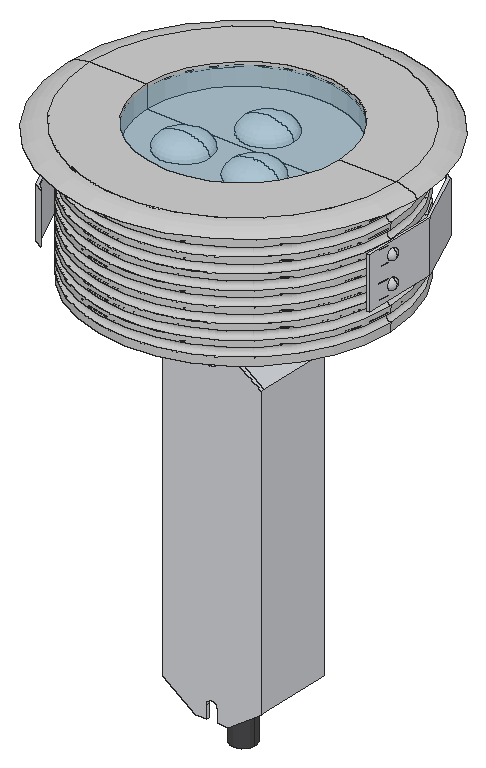
Revit family "SLIM INGROUND 6W SIMETRICO_LKB0326WW.9", category Luminarias, Revit 2019
Family settings
  Cota de conector redondo = Diámetro de uso
  Tipo de pieza = Normal
  Se basa en plano de trabajo = Sí
  Siempre vertical = No
  Corte con vacíos al cargar = No
  Origen de luz = Sí
  Compartido = No
  Punto de cálculo de habitación = No
Parameters (values of type "EMP_LKB0326WW.9")
  Ángulo de inclinación = 30.00°
  Ángulo de enfoque = 9.00°
  Ángulo de campo de foco = 9.00°
  Zone [instance] = ""
  Watt per fixture = 6.2
  Wattage = 6.2 W
  built-in parameter 1150107 = 3000 (stored number, unit not read)
  built-in parameter 1150110 = 1 (stored number, unit not read)
  built-in parameter 1150109 = 1 (stored number, unit not read)
  built-in parameter 1150112 = 1 (stored number, unit not read)
  built-in parameter 1150113 = 1 (stored number, unit not read)
  built-in parameter 1114218 = 1 (stored number, unit not read)
  Keynote = ""
  built-in parameter 1150137 = (empty or 0)
  built-in parameter 1150132 = (empty or 0)
  Modelo = "LKB0326WW.9"
  Lámpara = "OSRAM"
  Longitud de símbolo de origen de luz = 500 mm
  built-in parameter 1150105 = 27765.1 (stored number, unit not read)
  built-in parameter 1150102 = (empty or 0)
  built-in parameter 1150106 = 277.65 (stored number, unit not read)
  Lumens = 387.996 lm
  Color Filter = 16777215
  built-in parameter 1114217 = 1 (stored number, unit not read)
  built-in parameter 1150139 = (empty or 0)
  Fabricante = "BRILLANT"
  Default Elevation = 0 mm
  built-in parameter 1150104 = 5.8139 (stored number, unit not read)
  Descripción = "LUMINARIA TIPO CIRCULAR PARA EMPOTRAR EN PISO CON CUERPO DE ALUMINIO FUNDIDO A PRESION CUBIERTO CON POLVO GRIS OSCURO, CON CUBIERTA DE ACERO INOXIDABLE Y VIDRIO TEMPLADO DE 8MM, CON 116MM DE DIAMETRO Y 38MM DE PROFUNDIDAD, INSTALACION EMPOTRABLE EN PISO CON POCO ESPACIO, USO PARA INTERIORES COMO EXTERIORES CON IP 67, CUENTA CON 3 LED TIPO OSRAM CON UNA POTENCIA TOTAL DE 6.2W, A UNA TEMPERATURA EN BLANCO CALIDO 3000K CON 388 LUMENES, 89mA EN CORRIENTE DE OPERACIÓN, IK08, IRC 80, DISPONIBLE PARA ATENUAR EN TRIAC, APERTURA A 9 GRADOS POR PROYECTO, FUENTE REMOTA (INCLUIDA) CON 97MM DE LARGO POR 25MM DE ALTO POR 33MM DE ANCHO, ALIMENTADA A 100-240V."
  built-in parameter 1150115 = 1 (stored number, unit not read)
  built-in parameter 1150114 = 1 (stored number, unit not read)
  Comentarios de vataje = "100-240V"
  built-in parameter 1150138 = (empty or 0)
  built-in parameter 1150134 = (empty or 0)
  Circuit [instance] = ""
  Dimming Lamp Color Temperature Shift = (empty or 0)
  built-in parameter 1150133 = 10 (stored number, unit not read)
Reference planes
  plane 1 "Centro (Frontal/Posterior)": y = 0
  plane 2: z = 0
  plane 3 "Centro (Izquierda/Derecha)": x = 0
  plane 4: z = -38
  plane 5: z = -43
Forms (mm)
  Revolve 1, solid, material "Acero Inoxidable"
    sketch origin (0, 0, 0) x (1, 0, 0) y (0, 0, 1)
      loop
        line (-32.356, 2.379) -> (-51.186, 2.379)
        arc (-51.186, 2.379) -> (-54.974, 1.769) -> (-58.379, 0) r 12.065
        line (-58.379, 0) -> (-49.379, 0) -> (-49.379, -7.422)
        arc (-49.379, -7.422) -> (-47.881, -8.92) -> (-49.379, -10.419) r 1.499
        line (-49.379, -10.419) -> (-49.379, -12.422)
        arc (-49.379, -12.422) -> (-47.881, -13.92) -> (-49.379, -15.419) r 1.499
        line (-49.379, -15.419) -> (-49.379, -17.422)
        arc (-49.379, -17.422) -> (-47.881, -18.92) -> (-49.379, -20.419) r 1.499
        line (-49.379, -20.419) -> (-49.379, -22.422)
        arc (-49.379, -22.422) -> (-47.881, -23.92) -> (-49.379, -25.419) r 1.499
        line (-49.379, -25.419) -> (-49.379, -27.422)
        arc (-49.379, -27.422) -> (-47.881, -28.92) -> (-49.379, -30.419) r 1.499
        line (-49.379, -30.419) -> (-49.379, -32.422)
        arc (-49.379, -32.422) -> (-47.881, -33.92) -> (-49.379, -35.419) r 1.499
        line (-49.379, -35.419) -> (-49.379, -37.422)
        arc (-49.379, -37.422) -> (-47.881, -38.92) -> (-49.379, -40.419) r 1.499
        line (-49.379, -40.419) -> (-49.379, -43) -> (0, -43) -> (0, -5.045) -> (-32.356, -5.045) -> (-32.356, 2.379)
      axis (0, 2.379) -> (0, -43)
    angle from 0 to 360
  Extrusion 2, solid, material "Cristal"
    sketch origin (0, 0, 0) x (1, 0, 0) y (0, 1, 0)
      loop
        circle (0, 0) r 32.356
    from 0.921 to 1.499
  Revolve 3, solid
    sketch origin (93.878, -10.202, -77.173) x (-1, 0, 0) y (0, 0, 1)
      loop
        line (105.714, 77.128) -> (105.714, 72.128) -> (114.371, 72.128)
        spline (114.371, 72.128) -> (114.297, 72.781) -> (114.076, 73.422) -> (113.712, 74.042) -> (113.211, 74.628) -> (112.582, 75.172) -> (111.835, 75.664) -> (110.984, 76.095) -> (110.043, 76.458) -> (109.027, 76.748) -> (107.955, 76.958) -> (106.844, 77.085) -> (105.714, 77.128)
      axis (105.714, 72.128) -> (105.714, 77.128)
    angle from 0 to 360
  Revolve 4, solid
    sketch origin (-93.878, -10.202, -77.173) x (1, 0, 0) y (0, 0, 1)
      loop
        line (105.714, 77.128) -> (105.714, 72.128) -> (114.371, 72.128)
        spline (114.371, 72.128) -> (114.297, 72.781) -> (114.076, 73.422) -> (113.712, 74.042) -> (113.211, 74.628) -> (112.582, 75.172) -> (111.835, 75.664) -> (110.984, 76.095) -> (110.043, 76.458) -> (109.027, 76.748) -> (107.955, 76.958) -> (106.844, 77.085) -> (105.714, 77.128)
      axis (105.714, 72.128) -> (105.714, 77.128)
    angle from 0 to 360
  Revolve 5, solid
    sketch origin (-105.714, 10.202, -77.173) x (1, 0, 0) y (0, 0, -1)
      loop
        spline (105.714, -77.128) -> (106.844, -77.085) -> (107.955, -76.958) -> (109.027, -76.748) -> (110.043, -76.458) -> (110.984, -76.095) -> (111.835, -75.664) -> (112.582, -75.172) -> (113.211, -74.628) -> (113.712, -74.042) -> (114.076, -73.422) -> (114.297, -72.781) -> (114.371, -72.128)
        line (114.371, -72.128) -> (105.714, -72.128) -> (105.714, -77.128)
      axis (105.714, -72.128) -> (105.714, -77.128)
    angle from 0 to 360
  Extrusion 6, solid
    sketch origin (0, 0, 0) x (1, 0, 0) y (0, 1, 0)
      loop
        line (49.379, -10) -> (50.179, -10) -> (50.179, 15.17) -> (41.455, 34.765) -> (38.597, 36.492) -> (40.785, 34.304) -> (49.379, 15) -> (49.379, -10)
      loop
        line (-49.379, 10) -> (-50.179, 10) -> (-50.179, -15.17) -> (-41.455, -34.765) -> (-38.597, -36.492) -> (-40.785, -34.304) -> (-49.379, -15) -> (-49.379, 10)
    from -32.422 to -15.419
  Revolve 7, solid
    sketch origin (-21.949, -0.827, -124.707) x (0, 0, 1) y (-1, 0, 0)
      loop
        arc (105.714, -73.907) -> (106.972, -73.386) -> (107.494, -72.128) r 1.779
        line (107.494, -72.128) -> (105.714, -72.128) -> (105.714, -73.907)
      axis (105.714, -72.128) -> (105.714, -73.907)
    angle from 0 to 360
  Revolve 8, solid
    sketch origin (-21.949, -0.827, -133.613) x (0, 0, 1) y (-1, 0, 0)
      loop
        arc (105.714, -73.907) -> (106.972, -73.386) -> (107.494, -72.128) r 1.779
        line (107.494, -72.128) -> (105.714, -72.128) -> (105.714, -73.907)
      axis (105.714, -72.128) -> (105.714, -73.907)
    angle from 0 to 360
  Revolve 9, solid
    sketch origin (21.949, -0.827, -124.707) x (0, 0, 1) y (-1, 0, 0)
      loop
        line (105.714, 73.907) -> (105.714, 72.128) -> (107.494, 72.128)
        arc (107.494, 72.128) -> (106.972, 73.386) -> (105.714, 73.907) r 1.779
      axis (105.714, 72.128) -> (105.714, 73.907)
    angle from 0 to 360
  Revolve 10, solid
    sketch origin (21.949, -0.827, -133.613) x (0, 0, 1) y (-1, 0, 0)
      loop
        line (105.714, 73.907) -> (105.714, 72.128) -> (107.494, 72.128)
        arc (107.494, 72.128) -> (106.972, 73.386) -> (105.714, 73.907) r 1.779
      axis (105.714, 72.128) -> (105.714, 73.907)
    angle from 0 to 360
  Extrusion 11, solid
    sketch origin (0, 0, 0) x (1, 0, 0) y (0, 1, 0)
      loop
        line (-16.5, 12.961) -> (-16.5, -12.039) -> (16.5, -12.039) -> (16.5, 12.961) -> (-16.5, 12.961)
    from -163.604 to -66.792
  Extrusion 12, solid, material "Plastico"
    sketch origin (0, 0, 0) x (1, 0, 0) y (0, 1, 0)
      loop
        circle (0, 0) r 3.943
    from -66.792 to -43
  Extrusion 13, solid, material "Plastico"
    sketch origin (0, 0, 0) x (1, 0, 0) y (0, 1, 0)
      loop
        circle (0, 0) r 3.943
    from -183.076 to -163.604
  Extrusion 14, solid
    sketch origin (0, 0, 0) x (1, 0, 0) y (0, 1, 0)
      loop
        line (0, 5) -> (-4.33, 2.5) -> (-4.33, -2.5) -> (0, -5) -> (4.33, -2.5) -> (4.33, 2.5) -> (0, 5)
    from -167.291 to -64.236
  Extrusion 15, solid
    sketch origin (0, 0, 0) x (1, 0, 0) y (0, 0, 1)
      loop
        line (-16.5, -66.792) -> (-16.5, -163.604) -> (-5.388, -171.384) -> (-1.803, -171.384) -> (-1.803, -167.031)
        arc (-1.803, -167.031) -> (0, -165.228) -> (1.803, -167.031) r 1.803
        line (1.803, -167.031) -> (1.803, -171.384) -> (5.388, -171.384) -> (16.5, -163.604) -> (16.5, -66.792) -> (5.388, -59.012) -> (1.803, -59.012) -> (1.803, -63.365)
        arc (1.803, -63.365) -> (0, -65.168) -> (-1.803, -63.365) r 1.803
        line (-1.803, -63.365) -> (-1.803, -59.012) -> (-5.388, -59.012) -> (-16.5, -66.792)
    from 12.039 to 13.095
Cuts and joins
  joined: Extrusion 11, Extrusion 15
Dimensions and locks
  plane 2 to plane 5 = 43 mm
  Revolve 1 sketch curve to Revolve 1 sketch curve = 58.379 mm
  Extrusion 11 to Extrusion 11 = 96.811 mm
  Extrusion 11 to Extrusion 11 = 33 mm
  aligned and locked: level to plane 2
Connectors
  electrical at (0, 0, -183.076)
    settings: on Extrusion 13, index 1, voltage 240 V, apparent load 0 VA, apparent load phase1 0 VA, apparent load phase2 0 VA, apparent load phase3 0 VA, power factor 1, load classification "Otro", number of poles 1, system type 31, power factor state 1, is connector primary yes, connector utility no, sub classification motor no, connector description ""
